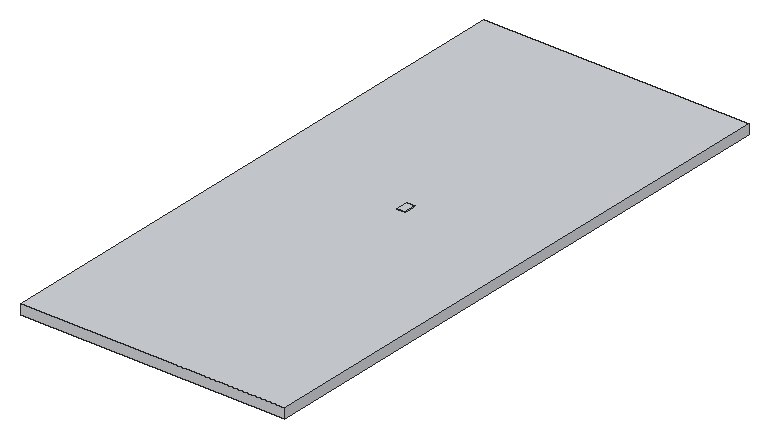
Revit family "M_Rectangular Face Opening Solid", category Generic Models, host Face, Revit 2020
Family settings
  Host = Face
  Can host rebar = No
  Round Connector Dimension = Use Diameter
  Part Type = Normal
  OmniClass Number = 23.30.00.00
  OmniClass Title = Openings, Passages, Protection
  Cut with Voids When Loaded = Yes
  Shared = No
  Room Calculation Point = No
Parameters (values of type "Rectangular Face Opening")
  h [instance] = 300 mm
  b [instance] = 200 mm
  U.K_#Link [instance] = ##Middle Elevation - Height / 2  # -150 mm
  Struc - Date [instance] = ""
  Struc - Comment [instance] = "-"
  Struc - Approval [instance] = no
  Slope Shift_Plan [instance] = Width_help / 2  # 100 mm
  Slope Shift_Front_Back [instance] = if(or(Rotate = 90.00°, Rotate = 270.00°), (Width_help - Additional Bottom Cut Offset + Additional Top Cut Offset) / 2, Width / 2)  # 100 mm
  Slope Shift_Left_Right [instance] = if(Slope = 0.00°, if(or(Rotate = 0.00°, Rotate = 180.00°), HT, Height_help / 2), (if(or(Rotate = 90.00°, Rotate = 270.00°), Width / cos(Slope) / 2 - (Depth with Offset * tan(Slope)), Height_help w_o add offsets / cos(Slope) / 2 - (Depth with Offset * tan(Slope)) + if(Additional Top Cut Offset > 0 mm, Additional Top Cut Offset / cos(Slope), 0 mm)))) + (tan(Slope) * Depth with Offset) + if(Rotate = 0.00°, Additional Bottom Cut Offset - Additional Top Cut Offset, 0 mm)  # 150 mm
  Width_help [instance] = if(or(Rotate = 90.00°, Rotate = 270.00°), Height, Width)  # 200 mm
  System Type [instance] = ""
  System Name [instance] = ""
  System Classification [instance] = ""
  Subcategory = "Cut Opening"  # constant formula
  Slope_Help [instance] = if(Face Offset_True = 0 mm, 2 mm, 1 mm)  # 2 mm
  Slope [instance] = 0.00°
  Service Type [instance] = ""
  Opening Shape [instance] = ""
  Opening Mark [instance] = ""
  Opening Level [instance] = ""
  Opening Elevation [instance] = 0 mm
  Opening Area [instance] = Width * Height  # 0.06 m²
  MEP - Not Required [instance] = no
  MEP - Date [instance] = ""
  MEP - Comment [instance] = "-"
  MEP - Approval [instance] = no
  Insertion Date [instance] = ""
  Insertion Configuration [instance] = ""
  Inserted By [instance] = ""
  Host [instance] = ""
  Height_help w_o add offsets [instance] = if(h > 2 mm, h + 2 * Cut Offset, 2 mm)  # 300 mm
  Width [instance] = if(b > 2 mm, b + 2 * Cut Offset, 2 mm)  # 200 mm
  Top Length [instance] = if(Face Offset_True = 0 mm, if(Lengthen / 1 * tan(Slope_T) < 2 mm, 0 mm, Lengthen / 1 * tan(Slope_T)), 0 mm)  # 0 mm
  Slope_T [instance] = if(and(not(Slope < 0.00°), Slope < 85.00°), Slope, 0.00°)  # 0.00°
  Rotate_T [instance] = -Rotate  # 0.00°
  Rotate [instance] = 0.00°
  Opening Offset Z [instance] = (-(Additional Top Cut Offset - Additional Bottom Cut Offset) / 2) * sin(Rotate)  # 0 mm
  Opening Offset X [instance] = (-(Additional Top Cut Offset - Additional Bottom Cut Offset) / 2) * cos(Rotate)  # 0 mm
  Lengthen [instance] = if(Height > Width, Height, Width)  # 300 mm
  Height_help [instance] = if(or(Rotate = 90.00°, Rotate = 270.00°), Width / cos(Slope), Height / cos(Slope))  # 300 mm
  HT [instance] = (h / 2 + 1 * Cut Offset + Additional Top Cut Offset) / sin(Angle)  # 150 mm
  HB [instance] = (h / 2 + 1 * Cut Offset + Additional Bottom Cut Offset) / sin(Angle)  # 150 mm
  Filled Region = yes
  Lines [instance] = not(Filled Region)  # no
  Face Offset_Positive [instance] = if(Face Offset_True > 0 mm, Face Offset_True, 0 mm)  # 0 mm
  Face Offset_Negative [instance] = if(Face Offset_True < 0 mm, -Face Offset_True, 0 mm)  # 0 mm
  Face Offset_True [instance] = if(Slope = 0.00°, Face Offset, 0 mm)  # 0 mm
  Face Offset [instance] = 0 mm
  Extrude End [instance] = -Depth_True  # -250 mm
  Detail - Yes / No [instance] = no
  Depth_True [instance] = if(Depth with Offset + Face Offset_True > 2 mm, Depth with Offset + Face Offset_True, 2 mm)  # 250 mm
  Depth with Offset [instance] = Depth + Depth Offset  # 250 mm
  Depth Offset [instance] = 0 mm
  Depth [instance] = 250 mm
  Dashed Outline = yes
  Bottom Length [instance] = if(Depth with Offset > 2 mm, Depth with Offset / sin(Angle), 2 mm) + Lengthen / 1 * tan(Slope_T)  # 250 mm
  Height_True [instance] = Height / sin(Angle)  # 300 mm
  Height [instance] = if(h > 2.032 mm, h + 2 * Cut Offset + Additional Top Cut Offset + Additional Bottom Cut Offset, 2.032 mm)  # 300 mm
  Default Elevation = 0 mm
  Cut Offset [instance] = 0 mm
  Assembly Code = ""
  Arc - Date [instance] = ""
  Arc - Comment [instance] = "-"
  Arc - Approval [instance] = no
  Angle [instance] = 90.00° - Slope_T  # 90.00°
  Additional Top Cut Offset [instance] = 0 mm
  Additional Bottom Cut Offset [instance] = 0 mm
  #Phase Created [instance] = ""
  #Level [instance] = ""
  #Elevation at Bottom [instance] = 0 mm
  ##Reference Level [instance] = ""
  ##Middle Elevation [instance] = 0 mm
  ##Design Option [instance] = ""
  ##Bottom Elevation [instance] = 0 mm
Reference planes
  plane 1 "Center (Front/Back)": y = 0
  plane 2: z = 0
  plane 3 "Center (Left/Right)": x = 0
  plane 4: x = -100
  plane 5: x = 100
  plane 6: y = -150
  plane 7: y = 150
  plane 8 "Graphical Elements Movement Help": y = -150
  plane 9 "Graphical Elements Movement Help 2": x = -100
  plane 10 "Face Offset_Negative": z = 0
  plane 11 "Face Offset_Positive": z = 0
  plane 12 "Graphical Elements Movement Help 3": x = 0
Forms (mm)
  Extrusion 1, solid
    sketch origin (0, 0, 0) x (1, 0, 0) y (0, 1, 0)
      loop
        line (-3545.185, 6900) -> (-3545.185, -7832.283) -> (3196.862, -7832.283) -> (3196.862, 6900) -> (-3545.185, 6900)
    from 0 to -250 <- "Extrude End"
  Sweep 2, solid
    path in 3D
      loop
        line (0, 0, -250) -> (0, 0, -2) -> (0, 0, 0)
    profile "Rertangular Profile : Rertangular Profile" origin (0, 0, -1) x (0, -1, 0) y (1, 0, 0)
      loop
        line (-150, 100) -> (-150, -100) -> (150, -100) -> (150, 100) -> (-150, 100)
Lines and regions (mm)
  reference lines
    curve 1: line (0, 0, -2) -> (0, 0, 0)
    curve 2: line (0, 0, -2) -> (0, 0, -250)
  sketch lines
    curve 3: line (0, 0, -2) -> (0, 0, 0)
    curve 4: line (0, 0, -2) -> (0, 0, -250)
Dimensions and locks
  equal spacing: plane 4, plane 3 "Center (Left/Right)", plane 5
  "Width": plane 4 to plane 5
  "Height_True": plane 7 to plane 6
  "Bottom Length": plane 2 to curve 2
  "Top Length": plane 10 "Face Offset_Negative" to curve 1
  "HT": plane 1 "Center (Front/Back)" to plane 7
  "HB": plane 1 "Center (Front/Back)" to plane 6
  plane 1 "Center (Front/Back)" to plane 8 "Graphical Elements Movement Help" = 150 mm
  "Slope Shift_Front_Back": plane 3 "Center (Left/Right)" to plane 9 "Graphical Elements Movement Help 2"
  "Face Offset_Positive": plane 11 "Face Offset_Positive" to plane 2
  "Face Offset_Negative": plane 11 "Face Offset_Positive" to plane 10 "Face Offset_Negative"
  "Slope_Help": plane 10 "Face Offset_Negative" to curve 1
  "Slope Shift_Left_Right": plane 8 "Graphical Elements Movement Help" to plane 1 "Center (Front/Back)"
  "Slope Shift_Plan": plane 9 "Graphical Elements Movement Help 2" to plane 12 "Graphical Elements Movement Help 3"
  "Width_help": plane 9 "Graphical Elements Movement Help 2" to nested 1
  "Width_help": plane 9 "Graphical Elements Movement Help 2" to nested 7
  "Angle": angle curve 2 to level
  "Angle": angle curve 1 to level
  aligned and locked: Extrusion 1 to plane 2
  aligned and locked: Extrusion 1 to level
  aligned and locked: plane 1 "Center (Front/Back)" to curve 2
  aligned and locked: plane 9 "Graphical Elements Movement Help 2" to nested 2
  aligned and locked: plane 9 "Graphical Elements Movement Help 2" to nested 4
  aligned and locked: nested 4 to plane 10 "Face Offset_Negative"
  aligned and locked: nested 2 to plane 10 "Face Offset_Negative"
  aligned and locked: nested 8 to plane 10 "Face Offset_Negative"
  aligned and locked: nested 6 to plane 8 "Graphical Elements Movement Help"
  aligned and locked: nested 6 to plane 10 "Face Offset_Negative"
  aligned and locked: nested 5 to plane 8 "Graphical Elements Movement Help"
  aligned and locked: nested 5 to plane 10 "Face Offset_Negative"
  aligned and locked: nested 9 to plane 8 "Graphical Elements Movement Help"
  aligned and locked: nested 9 to plane 10 "Face Offset_Negative"
  aligned and locked: nested 3 to plane 8 "Graphical Elements Movement Help"
  aligned and locked: plane 9 "Graphical Elements Movement Help 2" to nested 8
  aligned and locked: nested 3 to plane 12 "Graphical Elements Movement Help 3"
  aligned and locked: nested 1 to plane 8 "Graphical Elements Movement Help"
  aligned and locked: nested 7 to plane 8 "Graphical Elements Movement Help"
Automatic sketch dimensions
  Extrusion 1 sketch curve to Extrusion 1 sketch curve = 6742.047 mm
  Extrusion 1 sketch curve to Extrusion 1 sketch curve = 14732.283 mm
Nested families
  nested 1: "Opening Lines - Front" at (100, -150, 0) x (-1, 0, 0) z (0, 0, 1), Width_or_Height <- "Width_help", Depth <- "Height_help", visible <- "Lines", type "Standard"
    with Width_or_Height_True 200 mm, Width_or_Height 200 mm, Test Angle q 60.00°, Test Angle p 135.00°, Side Length 300 mm, Region Visible yes, built-in parameter 1001306 0.65617 (stored number, unit not read), Diagonal q 360.555 mm, Diagonal p 360.555 mm, Depth_True 300 mm, Depth 300 mm, Coeff2 1.5, Coeff1 0.66667, Angle_True 90.00°, Angle 90.00°
  nested 2: "Opening Region - Front" at (-100, 0, 0) x (1, 0, 0) z (0, -1, 0), Width_or_Height <- "Width_help", Depth <- "Depth_True", visible <- "Filled Region", type "Standard"
    with Width_or_Height_True 200 mm, Width_or_Height 200 mm, Test Angle q 72.00°, Test Angle p 112.50°, Side Length 250 mm, Region Visible yes, built-in parameter 1001306 0.65617 (stored number, unit not read), Diagonal q 320.156 mm, Diagonal p 320.156 mm, Depth_True 250 mm, Depth 250 mm, Coeff2 1.25, Coeff1 0.8, Angle_True 90.00°, Angle 90.00°
  nested 3: "Opening Region - Plan" at (0, -150, 0) x (-1, 0, 0) z (0, 0, 1), Width <- "Width_help", Depth_Height <- "Height_help", visible <- "Filled Region", type "Standard"
    with Width 200 mm, Depth_Height 300 mm, Depth_4 50 mm, Depth_2 100 mm
  nested 4: "Opening Lines - Front" at (-100, 0, 0) x (1, 0, 0) z (0, -1, 0), Width_or_Height <- "Width_help", Depth <- "Depth_True", visible <- "Lines", type "Standard"
    with Width_or_Height_True 200 mm, Width_or_Height 200 mm, Test Angle q 72.00°, Test Angle p 112.50°, Side Length 250 mm, Region Visible yes, built-in parameter 1001306 0.65617 (stored number, unit not read), Diagonal q 320.156 mm, Diagonal p 320.156 mm, Depth_True 250 mm, Depth 250 mm, Coeff2 1.25, Coeff1 0.8, Angle_True 90.00°, Angle 90.00°
  nested 5: "Opening Region - Front" at (0, -150, 0) x (0, 1, 0) z (1, 0, 0), Width_or_Height <- "Height_help", Depth <- "Depth_True", Angle <- "Angle", visible <- "Filled Region", type "Standard"
    with Width_or_Height_True 300 mm, Width_or_Height 300 mm, Test Angle q 108.00°, Test Angle p 75.00°, Side Length 250 mm, Region Visible yes, built-in parameter 1001306 0.98425 (stored number, unit not read), Diagonal q 390.512 mm, Diagonal p 390.512 mm, Depth_True 250 mm, Depth 250 mm, Coeff2 0.83333, Coeff1 1.2, Angle_True 90.00°, Angle 90.00°
  nested 6: "Opening Lines - Front" at (0, -150, 0) x (0, 1, 0) z (1, 0, 0), Width_or_Height <- "Height_help", Depth <- "Depth_True", Angle <- "Angle", visible <- "Lines", type "Standard"
    with Width_or_Height_True 300 mm, Width_or_Height 300 mm, Test Angle q 108.00°, Test Angle p 75.00°, Side Length 250 mm, Region Visible yes, built-in parameter 1001306 0.98425 (stored number, unit not read), Diagonal q 390.512 mm, Diagonal p 390.512 mm, Depth_True 250 mm, Depth 250 mm, Coeff2 0.83333, Coeff1 1.2, Angle_True 90.00°, Angle 90.00°
  nested 7: "Opening Outlines - Front" at (100, -150, 0) x (-1, 0, 0) z (0, 0, 1), Width_or_Height <- "Width_help", Depth <- "Height_help", visible <- "Dashed Outline", type "Standard"
    with Width_or_Height_True 200 mm, Width_or_Height 200 mm, Test Angle q 60.00°, Test Angle p 135.00°, Side Length 300 mm, Region Visible yes, built-in parameter 1001306 0.65617 (stored number, unit not read), Diagonal q 360.555 mm, Diagonal p 360.555 mm, Depth_True 300 mm, Depth 300 mm, Coeff2 1.5, Coeff1 0.66667, Angle_True 90.00°, Angle 90.00°
  nested 8: "Opening Outlines - Front" at (-100, 0, 0) x (1, 0, 0) z (0, -1, 0), Width_or_Height <- "Width_help", Depth <- "Depth_True", visible <- "Dashed Outline", type "Standard"
    with Width_or_Height_True 200 mm, Width_or_Height 200 mm, Test Angle q 72.00°, Test Angle p 112.50°, Side Length 250 mm, Region Visible yes, built-in parameter 1001306 0.65617 (stored number, unit not read), Diagonal q 320.156 mm, Diagonal p 320.156 mm, Depth_True 250 mm, Depth 250 mm, Coeff2 1.25, Coeff1 0.8, Angle_True 90.00°, Angle 90.00°
  nested 9: "Opening Outlines - Front" at (0, -150, 0) x (0, 1, 0) z (1, 0, 0), Width_or_Height <- "Height_help", Depth <- "Depth_True", Angle <- "Angle", visible <- "Dashed Outline", type "Standard"
    with Width_or_Height_True 300 mm, Width_or_Height 300 mm, Test Angle q 108.00°, Test Angle p 75.00°, Side Length 250 mm, Region Visible yes, built-in parameter 1001306 0.98425 (stored number, unit not read), Diagonal q 390.512 mm, Diagonal p 390.512 mm, Depth_True 250 mm, Depth 250 mm, Coeff2 0.83333, Coeff1 1.2, Angle_True 90.00°, Angle 90.00°
Definition of nested family "Opening Lines - Front"
  Parameters (values of type "Standard")
    Width_or_Height_True [instance] = if(Width_or_Height < 2 mm, 2 mm, if(or(0.5 * Diagonal q < 1 mm, 0.5 * Diagonal q < 1 mm), 2 mm, Width_or_Height))  # 15000 mm
    Width_or_Height [instance] = 15000 mm
    Test Angle q [instance] = Coeff1 * Angle  # 2700.00°
    Test Angle p [instance] = Coeff2 * Angle  # 3.00°
    Side Length [instance] = Depth / sin(Angle)  # 500 mm
    Region Visible [instance] = if(Angle < 20.00°, 1 = 0, if(or(Test Angle q < 3.00°, Test Angle p < 3.00°), 1 = 0, if(or(Width_or_Height < 2 mm, Depth < 2 mm), 1 = 0, if(or(0.5 * Diagonal q < 1 mm, 0.5 * Diagonal q < 1 mm), 1 = 0, 1 = 1))))  # yes
    built-in parameter 1001306 [instance] = Width_or_Height_True  # 49.213 (stored number, unit not read)
    Diagonal q [instance] = if(Angle < 90.00°, sqrt(Side Length ^ 2 + Width_or_Height ^ 2 + 2 * Width_or_Height * Side Length * cos(Angle)), sqrt(Side Length ^ 2 + Width_or_Height ^ 2 - 2 * Width_or_Height * Side Length * cos(Angle)))  # 15008.331 mm
    Diagonal p [instance] = if(Angle < 90.00°, sqrt(Side Length ^ 2 + Width_or_Height ^ 2 - 2 * Width_or_Height * Side Length * cos(Angle)), sqrt(Side Length ^ 2 + Width_or_Height ^ 2 + 2 * Width_or_Height * Side Length * cos(Angle)))  # 15008.331 mm
    Depth_True [instance] = if(or(Test Angle q < 2.00°, Test Angle p < 2.00°), Width_or_Height, if(Depth < 2 mm, 2 mm, if(or(0.5 * Diagonal q < 1 mm, 0.5 * Diagonal q < 1 mm), Width_or_Height_True, Depth)))  # 500 mm
    Depth [instance] = 500 mm
    Coeff2 [instance] = Depth / Width_or_Height  # 0.033333
    Coeff1 [instance] = Width_or_Height / Depth  # 30
    Angle_True [instance] = if(Angle < 20.00°, 90.00°, if(or(Test Angle q < 3.00°, Test Angle p < 3.00°), 90.00°, if(or(0.5 * Diagonal q < 1 mm, 0.5 * Diagonal q < 1 mm), 90.00°, Angle)))  # 90.00°
    Angle [instance] = 90.00°
  Reference planes
    plane 1 "Center (Front/Back)": y = 0
    plane 2: z = 0
    plane 3 "Left": x = 0
    plane 4 "Right": x = 15000
    plane 5 "Bottom center": y = -500
  Lines and regions (mm)
    reference lines, in view "Ref. Level"
      curve 1: line (0, 0, 0) -> (15000, 0, 0)
      curve 2: line (15000, 0, 0) -> (15000, -500, 0)
      curve 3: line (0, 0, 0) -> (0, -500, 0)
      curve 4: line (0, 0, 0) -> (15000, -500, 0)
      curve 5: line (0, -500, 0) -> (15000, 0, 0)
    detail lines, in view "Ref. Level"
      curve 6: line (15000, 0, 0) -> (0, -500, 0)
      curve 7: line (0, 0, 0) -> (15000, -500, 0)
  Dimensions and locks
    plane 3 "Left" to plane 4 "Right" = 15000 mm
    "Depth_True": plane 1 "Center (Front/Back)" to plane 5 "Bottom center"
    "Width_or_Height_True": plane 3 "Left" to plane 4 "Right"
    "Angle_True": angle plane 5 "Bottom center" to curve 2
    "Angle_True": angle plane 5 "Bottom center" to curve 3
    aligned and locked: plane 4 "Right" to curve 1
    aligned and locked: plane 3 "Left" to curve 1
    aligned and locked: curve 2 to plane 5 "Bottom center"
    aligned and locked: plane 1 "Center (Front/Back)" to curve 1
    aligned and locked: curve 5 to curve 6
    aligned and locked: curve 7 to curve 4  (x2)
    aligned and locked: curve 6 to curve 5
  Automatic sketch dimensions
    curve 5 to plane 5 "Bottom center" = 0 mm
    curve 6 to plane 5 "Bottom center" = 0 mm
    plane 1 "Center (Front/Back)" to curve 7 = 0 mm
    curve 7 to plane 5 "Bottom center" = 0 mm
    plane 1 "Center (Front/Back)" to curve 6 = 0 mm
Definition of nested family "Opening Region - Front"
  Parameters (values of type "Standard")
    Width_or_Height_True [instance] = if(Width_or_Height < 2 mm, 2 mm, if(or(0.5 * Diagonal q < 1 mm, 0.5 * Diagonal q < 1 mm), 2 mm, Width_or_Height))  # 11000 mm
    Width_or_Height [instance] = 11000 mm
    Test Angle q [instance] = Coeff1 * Angle  # 4950.00°
    Test Angle p [instance] = Coeff2 * Angle  # 1.63636°
    Side Length [instance] = Depth / sin(Angle)  # 200 mm
    Region Visible [instance] = if(Angle < 20.00°, 1 = 0, if(or(Test Angle q < 3.00°, Test Angle p < 3.00°), 1 = 0, if(or(Width_or_Height < 2 mm, Depth < 2 mm), 1 = 0, if(or(0.5 * Diagonal q < 1 mm, 0.5 * Diagonal q < 1 mm), 1 = 0, 1 = 1))))  # no
    built-in parameter 1001306 [instance] = Width_or_Height_True  # 36.089 (stored number, unit not read)
    Diagonal q [instance] = if(Angle < 90.00°, sqrt(Side Length ^ 2 + Width_or_Height ^ 2 + 2 * Width_or_Height * Side Length * cos(Angle)), sqrt(Side Length ^ 2 + Width_or_Height ^ 2 - 2 * Width_or_Height * Side Length * cos(Angle)))  # 11001.818 mm
    Diagonal p [instance] = if(Angle < 90.00°, sqrt(Side Length ^ 2 + Width_or_Height ^ 2 - 2 * Width_or_Height * Side Length * cos(Angle)), sqrt(Side Length ^ 2 + Width_or_Height ^ 2 + 2 * Width_or_Height * Side Length * cos(Angle)))  # 11001.818 mm
    Depth_True [instance] = if(or(Test Angle q < 2.00°, Test Angle p < 2.00°), Width_or_Height, if(Depth < 2 mm, 2 mm, if(or(0.5 * Diagonal q < 1 mm, 0.5 * Diagonal q < 1 mm), Width_or_Height_True, Depth)))  # 11000 mm
    Depth [instance] = 200 mm
    Coeff2 [instance] = Depth / Width_or_Height  # 0.018182
    Coeff1 [instance] = Width_or_Height / Depth  # 55
    Angle_True [instance] = if(Angle < 20.00°, 90.00°, if(or(Test Angle q < 3.00°, Test Angle p < 3.00°), 90.00°, if(or(0.5 * Diagonal q < 1 mm, 0.5 * Diagonal q < 1 mm), 90.00°, Angle)))  # 90.00°
    Angle [instance] = 90.00°
  Reference planes
    plane 1 "Center (Front/Back)": y = 0
    plane 2: z = 0
    plane 3 "Left": x = 0
    plane 4 "Right": x = 11000
    plane 5: y = -11000
  Lines and regions (mm)
    Filled region 1, type "Solid Fill - Black", in view "Ref. Level", visible <- "Region Visible"
      outline origin (0, 0, 0) x (1, 0, 0) y (0, 1, 0)
        loop
          line (11000, 0) -> (5500, -5500) -> (11000, -11000) -> (11000, 0)
    Filled region 2, type "Solid Fill - Black", in view "Ref. Level", visible <- "Region Visible"
      outline origin (0, 0, 0) x (1, 0, 0) y (0, 1, 0)
        loop
          line (0, 0) -> (0, -11000) -> (5500, -5500) -> (0, 0)
    reference lines, in view "Ref. Level"
      curve 1: line (0, 0, 0) -> (11000, 0, 0)
      curve 2: line (11000, 0, 0) -> (11000, -11000, 0)
      curve 3: line (0, 0, 0) -> (0, -11000, 0)
      curve 4: line (0, 0, 0) -> (11000, -11000, 0)
      curve 5: line (0, -11000, 0) -> (11000, 0, 0)
  Dimensions and locks
    plane 3 "Left" to plane 4 "Right" = 11000 mm  (x2)
    "Depth_True": plane 1 "Center (Front/Back)" to plane 5
    "Width_or_Height_True": plane 3 "Left" to plane 4 "Right"
    "Angle_True": angle plane 5 to curve 2
    "Angle_True": angle plane 5 to curve 3
    aligned and locked: plane 4 "Right" to curve 1
    aligned and locked: plane 3 "Left" to curve 1
    aligned and locked: curve 2 to plane 5
    aligned and locked: plane 1 "Center (Front/Back)" to curve 1
    aligned and locked: Filled region 2 sketch curve to curve 3
    aligned and locked: Filled region 2 sketch curve to curve 5
    aligned and locked: Filled region 2 sketch curve to curve 4
    aligned and locked: Filled region 1 sketch curve to curve 5
    aligned and locked: curve 4 to Filled region 1 sketch curve
    aligned and locked: Filled region 1 sketch curve to curve 2
  Automatic sketch dimensions
    curve 5 to plane 5 = 0 mm
Definition of nested family "Opening Region - Plan"
  Parameters (values of type "Standard")
    Width [instance] = 50 mm
    Depth_4 [instance] = if(Depth_Height < Width, Depth_Height / 4, Width / 4)  # 12.5 mm
    Depth_2 [instance] = if(Depth_Height < Width, Depth_Height / 2, Width / 2)  # 25 mm
    Depth_Height [instance] = 1500 mm
  Reference planes
    plane 1 "Center (Front/Back)": y = 0
    plane 2: z = 0
    plane 3 "Center (Left/Right)": x = 0
  Lines and regions (mm)
    Filled region 1, type "Concrete", in view "Ref. Level"
      outline origin (0, -260, 0) x (1, 0, 0) y (0, 1, 0)
        loop
          line (12.5, -1227.5) -> (-25, -1240) -> (25, -1240) -> (25, 260) -> (12.5, -1227.5)
  Dimensions and locks
    equal spacing: Filled region 1 sketch curve, plane 3 "Center (Left/Right)", Filled region 1 sketch curve
    "Width": Filled region 1 sketch curve to Filled region 1 sketch curve
    "Depth_Height": Filled region 1 sketch curve to plane 1 "Center (Front/Back)"
    "Depth_4": Filled region 1 sketch curve to Filled region 1 sketch curve  (x2)
    aligned and locked: plane 1 "Center (Front/Back)" to Filled region 1 sketch curve
Definition of nested family "Opening Outlines - Front"
  Parameters (values of type "Standard")
    Width_or_Height_True [instance] = if(Width_or_Height < 2 mm, 2 mm, if(or(0.5 * Diagonal q < 1 mm, 0.5 * Diagonal q < 1 mm), 2 mm, Width_or_Height))  # 20 mm
    Width_or_Height [instance] = 20 mm
    Test Angle q [instance] = Coeff1 * Angle  # 60.00°
    Test Angle p [instance] = Coeff2 * Angle  # 60.00°
    Side Length [instance] = Depth / sin(Angle)  # 23.094 mm
    Region Visible [instance] = if(Angle < 20.00°, 1 = 0, if(or(Test Angle q < 3.00°, Test Angle p < 3.00°), 1 = 0, if(or(Width_or_Height < 2 mm, Depth < 2 mm), 1 = 0, if(or(0.5 * Diagonal q < 1 mm, 0.5 * Diagonal q < 1 mm), 1 = 0, 1 = 1))))  # yes
    built-in parameter 1001306 [instance] = Width_or_Height_True  # 0.065617 (stored number, unit not read)
    Diagonal q [instance] = if(Angle < 90.00°, sqrt(Side Length ^ 2 + Width_or_Height ^ 2 + 2 * Width_or_Height * Side Length * cos(Angle)), sqrt(Side Length ^ 2 + Width_or_Height ^ 2 - 2 * Width_or_Height * Side Length * cos(Angle)))  # 37.353 mm
    Diagonal p [instance] = if(Angle < 90.00°, sqrt(Side Length ^ 2 + Width_or_Height ^ 2 - 2 * Width_or_Height * Side Length * cos(Angle)), sqrt(Side Length ^ 2 + Width_or_Height ^ 2 + 2 * Width_or_Height * Side Length * cos(Angle)))  # 21.713 mm
    Depth_True [instance] = if(or(Test Angle q < 2.00°, Test Angle p < 2.00°), Width_or_Height, if(Depth < 2 mm, 2 mm, if(or(0.5 * Diagonal q < 1 mm, 0.5 * Diagonal q < 1 mm), Width_or_Height_True, Depth)))  # 20 mm
    Depth [instance] = 20 mm
    Coeff2 [instance] = Depth / Width_or_Height  # 1
    Coeff1 [instance] = Width_or_Height / Depth  # 1
    Angle_True [instance] = if(Angle < 20.00°, 90.00°, if(or(Test Angle q < 3.00°, Test Angle p < 3.00°), 90.00°, if(or(0.5 * Diagonal q < 1 mm, 0.5 * Diagonal q < 1 mm), 90.00°, Angle)))  # 60.00°
    Angle [instance] = 60.00°
  Reference planes
    plane 1 "Center (Front/Back)": y = 0
    plane 2: z = 0
    plane 3 "Left": x = 0
    plane 4 "Right": x = 20
    plane 5 "Bottom center": y = -20
  Lines and regions (mm)
    reference lines, in view "Ref. Level"
      curve 1: line (0, 0, 0) -> (20, 0, 0)
      curve 2: line (20, 0, 0) -> (8.453, -20, 0)
      curve 3: line (0, 0, 0) -> (-11.547, -20, 0)
    detail lines, in view "Ref. Level"
      curve 4: line (-11.547, -20, 0) -> (0, 0, 0)
      curve 5: line (0, 0, 0) -> (20, 0, 0)
      curve 6: line (20, 0, 0) -> (8.453, -20, 0)
      curve 7: line (8.453, -20, 0) -> (-11.547, -20, 0)
  Dimensions and locks
    plane 3 "Left" to plane 4 "Right" = 20 mm
    "Depth_True": plane 1 "Center (Front/Back)" to plane 5 "Bottom center"
    "Width_or_Height_True": plane 3 "Left" to plane 4 "Right"
    "Angle_True": angle plane 5 "Bottom center" to curve 2
    "Angle_True": angle plane 5 "Bottom center" to curve 3
    aligned and locked: plane 4 "Right" to curve 1
    aligned and locked: plane 3 "Left" to curve 1
    aligned and locked: plane 5 "Bottom center" to curve 2
    aligned and locked: plane 1 "Center (Front/Back)" to curve 1
    aligned and locked: plane 1 "Center (Front/Back)" to curve 5
    aligned and locked: curve 6 to curve 2
    aligned and locked: plane 5 "Bottom center" to curve 7
    aligned and locked: curve 4 to curve 3
